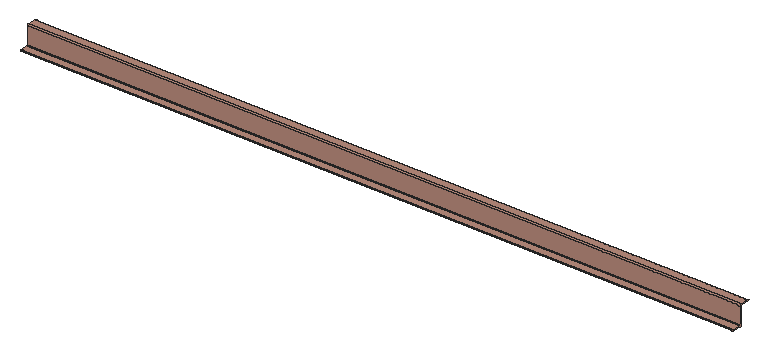
Revit family "ArmaGirt_Z-Girt", category Specialty Equipment, host Face, Revit 2026
Family settings
  Host = Face
  Round Connector Dimension = Use Diameter
  Part Type = Normal
  Enable Cutting in Views = No
  Cut with Voids When Loaded = No
  Maintain Annotation Orientation = No
  Shared = No
  Room Calculation Point = No
Parameters (values of type "76.2mm")
  _ObjectUserGuide = ""
  _DistributedBy = "www.bimstore.co"
  _CurrentRevision = 1
  _CreatedBy = "www.bimstore.co"
  _BimSpecGuid = 0
  _BSBibleVersion = 16
  _AuthorizedBy = "bimstore"
  _Author = "AM"
  WaterAbsorption = "0.6% max"
  WarrantyStartDate [instance] = "Please record on commissioning"
  WarrantyGuarantorParts = "info@armatherm.com"
  WarrantyGuarantorLabor = "info@armatherm.com"
  WarrantyDurationUnit = "Year"
  WarrantyDurationParts = "0"
  WarrantyDurationLabor = "0"
  WarrantyDescription = "n/a"
  Thickness = 4.00 mm
  StructuralThermalBreakMaterial = Armadillo_StructuralThermalBreak_Armatherm_Z-Girt
  Product data url = "https://www.bimobject.com/armatherm/product/z-girt-structural-thermal-break-cladding-attachment"
  OuterRadius = 4.60 mm  # constant formula
  NBSOfficeMasterTag = "n/a"
  URL = "https://www.armatherm.co.uk/"
  TypeName = Type Comments  # "Structural thermal break"
  Type Comments = "Structural thermal break"
  SpareParts = "n/a"
  Size = "n/a"
  Shape = "n/a"
  SerialNumber [instance] = "Please record on commissioning"
  ReplacementCost = "n/a"
  ReferencedStandard = "n/a"
  ProductionYear = "2020"
  NominalDepth = Depth  # 76.20 mm
  NBSReference = "45-75-42/399"
  NBSObjectName = "Armadillo Thermal break connection plates"
  NBSNote = ""
  NBSDescription = "Thermal break connection plates"
  ModelReference = Type Comments  # "Structural thermal break"
  ModelNumber = Model  # "Z-Girt"
  Model = "Z-Girt"
  Material = "Thermoset resin"
  ManufacturerName = "Armadillo"
  Manufacturer = "Armadillo"
  Length [instance] = 2743.20 mm
  Keynote = "G"
  InstallationDate [instance] = "Please record on commissioning"
  InnerRadius = 1.80 mm  # constant formula
  IfcExportType = "USERDEFINED"
  IfcExportAs = "IfcBuildingElementProxyType"
  Height = (C * 2) - Thickness  # 72.00 mm
  Grade = "n/a"
  FlexuralStrength = "230 MPa"
  FlexuralModulus = "not less than 11035 MPa"
  FlammabilityClassification = "V0"
  Finish = "n/a"
  Features = "n/a"
  ExpectedLife = 0
  DurationUnit = "Year"
  DocumentationTechnical = "https://www.bimstore.co/products/armatherm-z-girt-structural-thermal-break/document/technical-data-sheet"
  DocumentationMaintenance = "https://www.armatherm.co.uk/"
  DocumentationLiterature = "https://www.bimstore.co/products/armatherm-z-girt-structural-thermal-break/document/product-literature"
  DocumentationInstallationGuide = "https://www.armatherm.co.uk/"
  DocumentationCertificates = "https://www.armatherm.co.uk/"
  Description = "Armatherm thermally broken cladding support connection solutions prevent excessive heat flow and potential condensation problems otherwise associated with thermal bridging. "
  Depth = 76.20 mm
  Density = "1.8-2.0 gr/cm³"
  CreatedOn = "2020-01-01 T09:00:00"
  CreatedBy = "info@armatherm.com"
  NominalLength [instance] = Length  # 2743.20 mm
  NominalHeight = Thickness  # 4.00 mm
  Default Elevation = 1200.00 mm
  Constituents = "n/a"
  Color = "n/a"
  CodePerformance = "n/a"
  ClassificationValue = "Pr_35_90_15_89"
  ClassificationName = "Uniclass2015"
  C = 38.00 mm
  BarCode [instance] = "Please record on commissioning"
  BIMObjectName = "Armadillo_StructuralThermalBreak_Armatherm_Z-Girt"
  AssetType = "Fixed"
  AssetIdentifier [instance] = "Please record on commissioning"
  Assembly Code = "B"
  AccessibilityPerformance = "n/a"
Types (6, lengths in mm): name | Thickness | NominalDepth | Height | Depth | NominalHeight | C
  (no name) | 4.00 | 76.20 | 72.00 | 76.20 | 4.00 | 38.00
  38.1mm | 4.00 | 38.10 | 72.00 | 38.10 | 4.00 | 38.00
  50.8mm | 4.00 | 50.80 | 72.00 | 50.80 | 4.00 | 38.00
  63.5mm | 4.00 | 63.50 | 72.00 | 63.50 | 4.00 | 38.00
  76.2mm | 4.00 | 76.20 | 72.00 | 76.20 | 4.00 | 38.00
  101.6mm | 5.00 | 101.60 | 97.00 | 101.60 | 5.00 | 51.00
Reference planes
  plane 1 "Center (Front/Back)": y = 0
  plane 2: z = 0
  plane 3 "Center (Left/Right)": x = 0
  plane 4: x = -1371.6
  plane 5: x = 1371.6
  plane 6: z = 38.1
  plane 7: z = 76.2
  plane 8: y = 36
  plane 9: y = -36
  plane 10: z = 4
  plane 11: z = 72.2
  plane 12: y = 2
  plane 13: y = -2
Forms (mm)
  Sweep 1, solid, material "Armadillo_StructuralThermalBreak_Armatherm_Z-Girt" <- "StructuralThermalBreakMaterial", detail levels medium+fine
    path origin (0, 0, 0) x (1, 0, 0) y (0, 1, 0)
      loop
        line (-1371.6, 0) -> (1371.6, 0)
    profile origin (0, 0, 0) x (0, 1, 0) y (0, 0, 1)
      loop
        arc (2.6, 76.2) -> (-0.653, 74.853) -> (-2, 71.6) r 4.6
        line (-2, 71.6) -> (-2, 5.8)
        arc (-2, 5.8) -> (-2.527, 4.527) -> (-3.8, 4) r 1.8
        line (-3.8, 4) -> (-34, 4)
        arc (-34, 4) -> (-35.414, 3.414) -> (-36, 2) r 2
        arc (-36, 2) -> (-35.414, 0.586) -> (-34, 0) r 2
        line (-34, 0) -> (-2.6, 0)
        arc (-2.6, 0) -> (0.653, 1.347) -> (2, 4.6) r 4.6
        line (2, 4.6) -> (2, 70.4)
        arc (2, 70.4) -> (2.527, 71.673) -> (3.8, 72.2) r 1.8
        line (3.8, 72.2) -> (34, 72.2)
        arc (34, 72.2) -> (35.414, 72.786) -> (36, 74.2) r 2
        arc (36, 74.2) -> (35.414, 75.614) -> (34, 76.2) r 2
        line (34, 76.2) -> (2.6, 76.2)
Dimensions and locks
  equal spacing: plane 7, plane 6, level
  "Depth": plane 7 to level
  "Thickness": plane 10 to level
  "Thickness": plane 7 to plane 11
  equal spacing: plane 12, plane 1 "Center (Front/Back)", plane 13
  "Thickness": plane 12 to plane 13
  "C": plane 12 to plane 9
  "C": plane 8 to plane 13
  equal spacing: plane 4, plane 3 "Center (Left/Right)", plane 5
  "Length": plane 4 to plane 5
  "OuterRadius": radius of Sweep 1 sketch curve  (x2)
  "InnerRadius": radius of Sweep 1 sketch curve  (x2)
  aligned and locked: plane 2 to host face
  aligned and locked: level to host face
  aligned and locked: plane 1 "Center (Front/Back)" to Sweep 1 sketch curve
  aligned and locked: plane 4 to Sweep 1 sketch curve
  aligned and locked: plane 5 to Sweep 1 sketch curve
  aligned and locked: plane 7 to Sweep 1 sketch curve
  aligned and locked: Sweep 1 sketch curve to plane 10
  aligned and locked: Sweep 1 sketch curve to level
  aligned and locked: Sweep 1 sketch curve to plane 11
  aligned and locked: plane 12 to Sweep 1 sketch curve
  aligned and locked: Sweep 1 sketch curve to plane 13
  aligned and locked: plane 8 to Sweep 1 sketch curve
  aligned and locked: plane 9 to Sweep 1 sketch curve
Automatic sketch dimensions
  host sketch curve to host sketch curve = 2500.00 mm  (x2)
  Sweep 1 sketch curve to Sweep 1 sketch curve = 0.00 mm  (x2)
